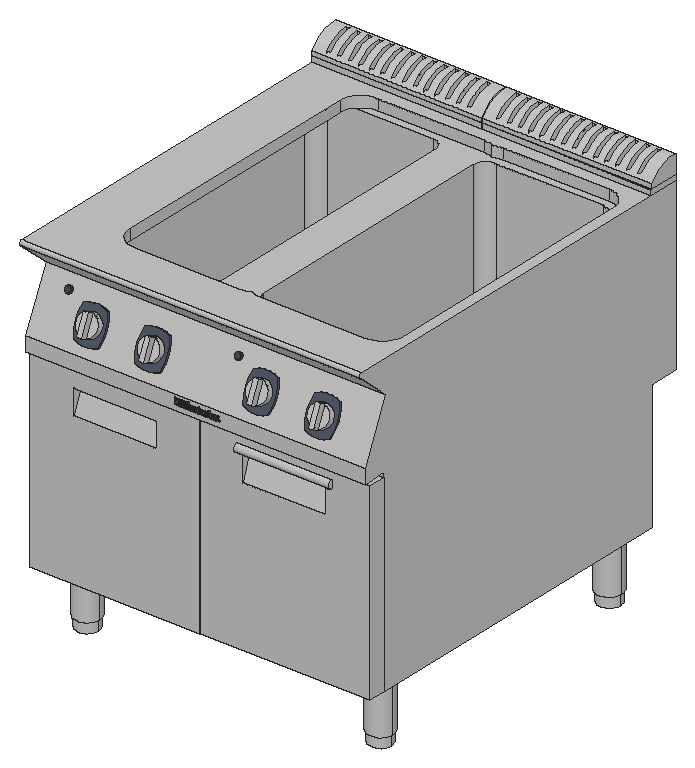
Revit family "QF_ELECTROLUXPROFESSIONAL_391112_E9PCGH2MF0", category Specialty Equipment, Revit 2018
Family settings
  Round Connector Dimension = Use Diameter
  Part Type = Normal
  Work Plane-Based = No
  Always vertical = Yes
  Cut with Voids When Loaded = No
  Shared = No
  Room Calculation Point = No
Parameters
  Width = 800 mm  # constant formula
  Weight in Pounds = 115  # constant formula
  Watts = 0 W
  Waste Water Discharge Temperature [instance] = -459.67 °F
  URL Cutsheet = "www.electrolux.com/foodservice"
  URL = "www.electrolux.com/foodservice"
  Type Mark [instance] = ""
  Status [instance] = ""
  Specification by User [instance] = ""
  Specification by Manufacturer = ""
  Show Logo [instance] = yes
  Show Clearance [instance] = yes
  Serial Number = ""
  Seismic Rating = ""
  SMACNA No = ""
  Revision Code [instance] = ""
  Plumbing Remarks [instance] = ""
  Plumbing Connection Type [instance] = ""
  Omniclass Number and Title = ""
  NAFEM Spec ID Number = ""
  Model = "391112"
  Mechanical Remarks [instance] = ""
  Mechanical Connection Type [instance] = ""
  Masterspec = ""
  Manufacturer = "ELECTROLUX"
  Item Number [instance] = ""
  Installed By [instance] = ""
  Indirect Waste Size = 1"
  Indirect Waste Flow [instance] = 0 GPM
  Indirect Waste Connection Type [instance] = ""
  Indirect Waste Connection Height = 0 mm
  Identify Quantity as Lot [instance] = yes
  Height = 851 mm  # constant formula
  HP = "0 HP"
  Gas Size = 1/2"
  Gas RI Height [instance] = 0 mm
  Gas KW = 33  # constant formula
  Gas Input = 32969.6 VA  # 112497.0 Btu/h
  Gas Connection Height = 0 mm
  Furnished By [instance] = ""
  Foodservice Equipment Identifier [instance] = yes
  Direct Waste Size = 1"
  Description = "900XP GAS PASTA COOKER, 40LT WELL, 2 WELLS"
  Depth = 930 mm  # constant formula
  Cold Water Temperature Recommended [instance] = -459.67 °F
  Cold Water Size = 3/4"
  Cold Water RI Height [instance] = 0 mm
  Cold Water Minimum Pressure = 0.00 psi
  Cold Water Maximum Pressure = 0.00 psi
  Cold Water Flow [instance] = 0 GPM
  Cold Water Consumption = ""
  Cold Water Connection Height = 0 mm
  CSI MasterFormat = ""
  CSI Master Format = ""
  Base Height [instance] = 150 mm  # constant formula
Reference planes
  plane 1 "BACK": y = 0
  plane 2: z = 0
  plane 3 "LEFT": x = 0
  plane 4 "RIGHT": x = 800
  plane 5 "FRONT": y = -930
  plane 6 "TOP": z = 908
  plane 7 "Center Y": x = 400
  plane 8 "Center X": y = -465
  plane 9 "BASE": z = 601.763
  plane 10 "TOP A": z = 851
  plane 11: z = 150
  plane 12: y = -126
  plane 13: y = -800
  plane 14: y = -1288
  plane 15: x = 755
  plane 16: x = 232
  plane 17: x = 65
  plane 18: x = 737
  plane 19: x = 633
  plane 20: x = 55
  plane 21: x = 745
Forms (mm)
  Extrusion 1, solid, material "QF_Finishes_Stainless Steel"
    sketch origin (0, 0, 0) x (0, 1, 0) y (0, 0, 1)
      loop
        line (0, 851) -> (-923.65, 851)
        arc (-923.65, 851) -> (-929.517, 847.08) -> (-928.14, 840.16) r 6.35
        line (-928.14, 840.16) -> (-852.034, 773.495) -> (-912.145, 642.892) -> (-912.145, 608.853) -> (-858.773, 614.463) -> (-858.773, 150) -> (-70, 150) -> (-70, 451.763) -> (0, 451.763) -> (0, 851)
      loop
        line (-900, 601.763) -> (-900, 150) -> (-860.361, 150) -> (-860.361, 601.763) -> (-900, 601.763)
    from 0 to 800
  Extrusion 2, solid, material "QF_Clearances", visible <- "Show Clearance", detail levels coarse
    sketch origin (0, 0, 0) x (1, 0, 0) y (0, 1, 0)
      loop
        line (0, -930) -> (0, 0) -> (800, 0) -> (800, -930) -> (950.019, -930) -> (950.019, 150.019) -> (-150.019, 150.019) -> (-150.019, -930) -> (0, -930)
    from 0 to 908
  Extrusion 3, solid, material "QF_Door-Drawer Clearances", visible <- "Show Clearance", detail levels coarse
    sketch origin (400, 0, 851) x (1, 0, 0) y (0, 1, 0)
      loop
        arc (-400, -1288) -> (-124.279, -1172.327) -> (-0.826, -900) r 409.234
        line (-0.826, -900) -> (-400, -900) -> (-400, -1288)
    from -701 to -249.237
  Extrusion 4, solid, material "QF_Door-Drawer Clearances", visible <- "Show Clearance", detail levels coarse
    sketch origin (400, 0, 851) x (-1, 0, 0) y (0, -1, 0)
      loop
        line (-400, 1288) -> (-400, 900) -> (-0.826, 900)
        arc (-0.826, 900) -> (-124.279, 1172.327) -> (-400, 1288) r 409.234
    from -701 to -249.237
  Extrusion 5, solid, material "QF_Finishes_Navy Blue", visible <- "Show Logo"
    sketch origin (201.175, -912.145, 608.853) x (0, 0, 1) y (-1, 0, 0)
      loop
        line (27.359, -159.055) -> (14.993, -159.055)
        arc (14.993, -159.055) -> (21.176, -163.626) -> (27.359, -159.055) r 6.467
      loop
        arc (27.359, -158.426) -> (26.19, -153.283) -> (21.534, -150.805) r 6.338
        line (21.534, -150.805) -> (21.534, -152.851)
        arc (21.534, -152.851) -> (23.018, -156.506) -> (26.464, -158.426) r 5.941
        line (26.464, -158.426) -> (27.359, -158.426)
      loop
        arc (15.888, -158.426) -> (19.334, -156.506) -> (20.817, -152.851) r 5.941
        line (20.817, -152.851) -> (20.817, -150.805)
        arc (20.817, -150.805) -> (16.123, -153.279) -> (14.834, -158.426) r 6.504
        line (14.834, -158.426) -> (15.888, -158.426)
      loop
        line (28.034, -150.336) -> (14.29, -150.336) -> (14.29, -164.099) -> (28.034, -164.099) -> (28.034, -150.336)
      loop
        arc (28.118, -167.066) -> (27.77, -166.709) -> (27.403, -167.047) r 0.358
        arc (27.403, -167.047) -> (27.089, -167.797) -> (26.372, -168.182) r 1.216
        line (26.372, -168.182) -> (15.959, -168.182)
        arc (15.959, -168.182) -> (15.299, -167.904) -> (14.903, -167.308) r 1.238
        arc (14.903, -167.308) -> (14.509, -167.057) -> (14.203, -167.411) r 0.358
        line (14.203, -167.411) -> (14.203, -177.29) -> (16.954, -177.29) -> (16.954, -176.393)
        arc (16.954, -176.393) -> (16.045, -175.813) -> (15.589, -174.836) r 1.928
        line (15.589, -174.836) -> (15.589, -172.337)
        arc (15.589, -172.337) -> (15.865, -171.608) -> (16.553, -171.244) r 1.101
        line (16.553, -171.244) -> (20.64, -171.244) -> (20.64, -174.917)
        arc (20.64, -174.917) -> (20.287, -175.414) -> (19.722, -175.642) r 1.083
        arc (19.722, -175.642) -> (19.459, -175.948) -> (19.751, -176.226) r 0.292
        line (19.751, -176.226) -> (22.713, -176.226)
        arc (22.713, -176.226) -> (23.016, -175.953) -> (22.777, -175.623) r 0.305
        arc (22.777, -175.623) -> (22.286, -175.375) -> (21.981, -174.917) r 1.083
        line (21.981, -174.917) -> (21.981, -171.244) -> (26.659, -171.244) -> (26.659, -174.991)
        arc (26.659, -174.991) -> (26.444, -175.747) -> (25.838, -176.245) r 1.314
        arc (25.838, -176.245) -> (25.619, -176.649) -> (25.973, -176.941) r 0.361
        line (25.973, -176.941) -> (28.118, -176.941) -> (28.118, -167.066)
      loop
        arc (27.4, -177.722) -> (27.02, -178.641) -> (26.101, -179.021) r 1.299
        line (26.101, -179.021) -> (16.522, -179.021)
        arc (16.522, -179.021) -> (15.684, -178.643) -> (15.413, -177.765) r 1.118
        line (15.413, -177.765) -> (14.203, -177.765) -> (14.203, -183.115) -> (15.391, -183.115)
        arc (15.391, -183.115) -> (15.663, -182.198) -> (16.533, -181.802) r 1.153
        line (16.533, -181.802) -> (28.605, -181.802) -> (27.4, -177.722)
      loop
        line (19.168, -185.751) -> (19.168, -192.198) -> (19.967, -192.198)
        arc (19.967, -192.198) -> (22.547, -191.214) -> (23.816, -188.76) r 3.874
        line (23.816, -188.76) -> (23.816, -187)
        arc (23.816, -187) -> (22.629, -184.135) -> (19.765, -182.949) r 4.051
        line (19.765, -182.949) -> (17.757, -182.949)
        arc (17.757, -182.949) -> (14.938, -184.434) -> (13.887, -187.441) r 4.352
        arc (13.887, -187.441) -> (14.251, -189.904) -> (15.629, -191.978) r 5.713
        line (15.629, -191.978) -> (16.578, -191.978)
        arc (16.578, -191.978) -> (15.845, -190.409) -> (15.629, -188.691) r 5.579
        arc (15.629, -188.691) -> (16.422, -186.728) -> (18.301, -185.751) r 3.057
        line (18.301, -185.751) -> (19.168, -185.751)
      loop
        line (20.427, -185.751) -> (20.427, -189.333)
        arc (20.427, -189.333) -> (21.884, -189.38) -> (22.767, -188.221) r 1.59
        line (22.767, -188.221) -> (22.767, -187.391)
        arc (22.767, -187.391) -> (21.902, -186.136) -> (20.427, -185.751) r 2.184
      loop
        arc (23.218, -201.616) -> (23.707, -199.942) -> (23.864, -198.205) r 9.023
        line (23.864, -198.205) -> (23.864, -196.843)
        arc (23.864, -196.843) -> (22.705, -194.043) -> (19.905, -192.883) r 3.959
        line (19.905, -192.883) -> (17.305, -192.883)
        arc (17.305, -192.883) -> (15.023, -194.176) -> (13.906, -196.549) r 4.331
        line (13.906, -196.549) -> (13.906, -198.684)
        arc (13.906, -198.684) -> (14.414, -200.234) -> (15.336, -201.58) r 5.772
        arc (15.336, -201.58) -> (16.098, -201.631) -> (16.184, -200.872) r 0.553
        arc (16.184, -200.872) -> (15.796, -200.138) -> (15.662, -199.319) r 2.573
        line (15.662, -199.319) -> (15.662, -197.804)
        arc (15.662, -197.804) -> (16.668, -196.162) -> (18.483, -195.52) r 2.884
        line (18.483, -195.52) -> (19.762, -195.52)
        arc (19.762, -195.52) -> (21.583, -196.08) -> (22.509, -197.745) r 2.554
        line (22.509, -197.745) -> (22.509, -198.798)
        arc (22.509, -198.798) -> (22.178, -199.726) -> (21.521, -200.461) r 2.564
        arc (21.521, -200.461) -> (21.299, -201.178) -> (21.909, -201.616) r 0.643
        line (21.909, -201.616) -> (23.218, -201.616)
      loop
        line (22.2, -201.886) -> (22.2, -203.387) -> (16.152, -203.387)
        arc (16.152, -203.387) -> (14.564, -204.045) -> (13.906, -205.633) r 2.246
        line (13.906, -205.633) -> (13.906, -207.217)
        arc (13.906, -207.217) -> (14.22, -208.081) -> (14.72, -208.853) r 4.06
        arc (14.72, -208.853) -> (15.453, -208.986) -> (15.704, -208.285) r 0.576
        arc (15.704, -208.285) -> (15.598, -207.759) -> (15.662, -207.227) r 1.69
        arc (15.662, -207.227) -> (16.204, -206.439) -> (17.11, -206.136) r 1.506
        line (17.11, -206.136) -> (22.248, -206.136) -> (22.248, -208.533) -> (22.805, -209.089) -> (23.626, -209.089) -> (23.626, -206.23) -> (26.857, -206.23) -> (22.2, -201.886)
      loop
        line (14.124, -209.987) -> (14.124, -215.374) -> (15.234, -215.374)
        arc (15.234, -215.374) -> (15.627, -214.423) -> (16.578, -214.029) r 1.345
        line (16.578, -214.029) -> (20.195, -214.029)
        arc (20.195, -214.029) -> (20.959, -214.621) -> (21.249, -215.543) r 1.615
        line (21.249, -215.543) -> (21.249, -217.099) -> (23.805, -217.784) -> (23.805, -216.401) -> (21.862, -213.842) -> (23.742, -213.842) -> (23.458, -211.136)
        arc (23.458, -211.136) -> (23.018, -210.606) -> (22.359, -210.807) r 0.621
        arc (22.359, -210.807) -> (21.959, -211.149) -> (21.465, -211.332) r 1.501
        line (21.465, -211.332) -> (16.578, -211.332)
        arc (16.578, -211.332) -> (15.627, -210.938) -> (15.234, -209.987) r 1.345
        line (15.234, -209.987) -> (14.124, -209.987)
      loop
        line (20.225, -217.321) -> (17.533, -217.321)
        arc (17.533, -217.321) -> (15.088, -218.629) -> (13.954, -221.159) r 4.288
        arc (13.954, -221.159) -> (13.89, -222.54) -> (13.954, -223.92) r 15.022
        arc (13.954, -223.92) -> (15.088, -226.451) -> (17.533, -227.758) r 4.288
        line (17.533, -227.758) -> (20.225, -227.758)
        arc (20.225, -227.758) -> (22.671, -226.451) -> (23.805, -223.92) r 4.288
        arc (23.805, -223.92) -> (23.868, -222.54) -> (23.805, -221.159) r 15.022
        arc (23.805, -221.159) -> (22.671, -218.629) -> (20.225, -217.321) r 4.288
      loop
        line (20.43, -220.435) -> (17.328, -220.435)
        arc (17.328, -220.435) -> (15.171, -222.592) -> (17.328, -224.749) r 2.157
        line (17.328, -224.749) -> (20.43, -224.749)
        arc (20.43, -224.749) -> (22.587, -222.592) -> (20.43, -220.435) r 2.157
      loop
        arc (27.411, -227.616) -> (27.041, -228.51) -> (26.147, -228.881) r 1.264
        line (26.147, -228.881) -> (16.282, -228.881)
        arc (16.282, -228.881) -> (15.412, -228.484) -> (15.141, -227.568) r 1.153
        line (15.141, -227.568) -> (14.203, -227.568) -> (14.203, -232.676) -> (15.131, -232.676)
        arc (15.131, -232.676) -> (15.49, -231.904) -> (16.282, -231.589) r 1.153
        line (16.282, -231.589) -> (28.605, -231.589) -> (27.411, -227.616)
      loop
        arc (22.531, -232.213) -> (22.332, -233.278) -> (21.363, -233.76) r 1.215
        line (21.363, -233.76) -> (16.343, -233.76)
        arc (16.343, -233.76) -> (14.728, -234.407) -> (14.008, -235.99) r 2.338
        line (14.008, -235.99) -> (14.008, -237.505)
        arc (14.008, -237.505) -> (14.182, -238.509) -> (14.684, -239.395) r 2.979
        line (14.684, -239.395) -> (14.203, -241.192) -> (14.203, -242.88) -> (23.629, -242.88) -> (23.335, -238.677) -> (22.548, -238.677)
        arc (22.548, -238.677) -> (22.192, -239.513) -> (21.44, -240.022) r 1.605
        line (21.44, -240.022) -> (16.337, -240.022)
        arc (16.337, -240.022) -> (15.917, -239.085) -> (15.844, -238.061) r 2.94
        arc (15.844, -238.061) -> (16.405, -236.96) -> (17.558, -236.517) r 1.724
        line (17.558, -236.517) -> (23.755, -236.517) -> (22.531, -232.213)
      loop
        line (23.559, -243.734) -> (21.887, -245.78) -> (18.713, -248.086) -> (15.257, -244.974)
        arc (15.257, -244.974) -> (15.02, -244.58) -> (15.042, -244.121) r 0.789
        line (15.042, -244.121) -> (14.203, -244.121) -> (14.203, -247.666) -> (15.029, -247.666)
        arc (15.029, -247.666) -> (15.372, -247.304) -> (15.862, -247.396) r 0.52
        line (15.862, -247.396) -> (17.661, -248.867) -> (15.543, -250.242)
        arc (15.543, -250.242) -> (15.142, -249.932) -> (15.055, -249.433) r 0.7
        line (15.055, -249.433) -> (14.203, -249.433) -> (14.203, -255.36) -> (15.09, -255.36)
        arc (15.09, -255.36) -> (15.157, -254.701) -> (15.552, -254.17) r 1.247
        line (15.552, -254.17) -> (19.751, -250.889) -> (22.198, -252.942) -> (23.559, -254.684) -> (23.559, -250.96) -> (22.074, -251.383) -> (20.553, -250.106) -> (22.253, -248.916) -> (23.559, -249.692) -> (23.559, -243.734)
    from 0 to 1.644
  Extrusion 6, solid, material "QF_Finishes_Stainless Steel"
    sketch origin (200, 0, 0) x (0, 1, 0) y (0, 0, 1)
      loop
        line (-71.89, 863.9) -> (-71.89, 851) -> (0, 851) -> (0, 863.9) -> (-71.89, 863.9)
    from -200 to 200
  Extrusion 7, solid, material "QF_Finishes_Stainless Steel"
    sketch origin (0, 0, 574.263) x (0, 1, 0) y (0, 0, 1)
      loop
        line (0, 289.638) -> (0, 333.737)
        arc (0, 333.737) -> (-39.336, 326.03) -> (-69.85, 300.038) r 79.141
        line (-69.85, 300.038) -> (-69.85, 289.638) -> (0, 289.638)
    from 0 to 400
  Extrusion 8, void
    sketch origin (0, 0, 848.9) x (0, -1, 0) y (1, 0, 0)
      loop
        line (6.761, 29.703) -> (63.911, 29.703) -> (63.911, 38.999) -> (6.761, 38.999) -> (6.761, 29.703)
      loop
        line (63.911, 64.487) -> (6.761, 64.487) -> (6.761, 55.191) -> (63.911, 55.191) -> (63.911, 64.487)
      loop
        line (63.911, 89.975) -> (6.761, 89.975) -> (6.761, 80.68) -> (63.911, 80.68) -> (63.911, 89.975)
      loop
        line (63.911, 115.464) -> (6.761, 115.464) -> (6.761, 106.168) -> (63.911, 106.168) -> (63.911, 115.464)
      loop
        line (63.911, 140.952) -> (6.761, 140.952) -> (6.761, 131.656) -> (63.911, 131.656) -> (63.911, 140.952)
      loop
        line (63.911, 166.44) -> (6.761, 166.44) -> (6.761, 157.145) -> (63.911, 157.145) -> (63.911, 166.44)
      loop
        line (63.911, 191.929) -> (6.761, 191.929) -> (6.761, 182.633) -> (63.911, 182.633) -> (63.911, 191.929)
      loop
        line (63.911, 217.417) -> (6.761, 217.417) -> (6.761, 208.121) -> (63.911, 208.121) -> (63.911, 217.417)
      loop
        line (63.911, 242.905) -> (6.761, 242.905) -> (6.761, 233.61) -> (63.911, 233.61) -> (63.911, 242.905)
      loop
        line (63.911, 268.394) -> (6.761, 268.394) -> (6.761, 259.098) -> (63.911, 259.098) -> (63.911, 268.394)
      loop
        line (63.911, 293.882) -> (6.761, 293.882) -> (6.761, 284.586) -> (63.911, 284.586) -> (63.911, 293.882)
      loop
        line (63.911, 319.37) -> (6.761, 319.37) -> (6.761, 310.075) -> (63.911, 310.075) -> (63.911, 319.37)
      loop
        line (63.911, 344.859) -> (6.761, 344.859) -> (6.761, 335.563) -> (63.911, 335.563) -> (63.911, 344.859)
      loop
        line (63.911, 370.347) -> (6.761, 370.347) -> (6.761, 361.051) -> (63.911, 361.051) -> (63.911, 370.347)
    from 25.4 to 63.5
  Extrusion 9, solid, material "QF_Finishes_Stainless Steel"
    sketch origin (600, 0, 0) x (0, 1, 0) y (0, 0, -1)
      loop
        line (-71.89, -863.9) -> (0, -863.9) -> (0, -851) -> (-71.89, -851) -> (-71.89, -863.9)
    from -200 to 200
  Extrusion 10, solid, material "QF_Finishes_Stainless Steel"
    sketch origin (800, 0, 574.263) x (0, 1, 0) y (0, 0, -1)
      loop
        line (0, -289.638) -> (-69.85, -289.638) -> (-69.85, -300.038)
        arc (-69.85, -300.038) -> (-39.336, -326.03) -> (0, -333.737) r 79.141
        line (0, -333.737) -> (0, -289.638)
    from 0 to 400
  Extrusion 11, void
    sketch origin (800, 0, 848.9) x (0, -1, 0) y (1, 0, 0)
      loop
        line (6.761, -29.703) -> (6.761, -38.999) -> (63.911, -38.999) -> (63.911, -29.703) -> (6.761, -29.703)
      loop
        line (63.911, -64.487) -> (63.911, -55.191) -> (6.761, -55.191) -> (6.761, -64.487) -> (63.911, -64.487)
      loop
        line (63.911, -89.975) -> (63.911, -80.68) -> (6.761, -80.68) -> (6.761, -89.975) -> (63.911, -89.975)
      loop
        line (63.911, -115.464) -> (63.911, -106.168) -> (6.761, -106.168) -> (6.761, -115.464) -> (63.911, -115.464)
      loop
        line (63.911, -140.952) -> (63.911, -131.656) -> (6.761, -131.656) -> (6.761, -140.952) -> (63.911, -140.952)
      loop
        line (63.911, -166.44) -> (63.911, -157.145) -> (6.761, -157.145) -> (6.761, -166.44) -> (63.911, -166.44)
      loop
        line (63.911, -191.929) -> (63.911, -182.633) -> (6.761, -182.633) -> (6.761, -191.929) -> (63.911, -191.929)
      loop
        line (63.911, -217.417) -> (63.911, -208.121) -> (6.761, -208.121) -> (6.761, -217.417) -> (63.911, -217.417)
      loop
        line (63.911, -242.905) -> (63.911, -233.61) -> (6.761, -233.61) -> (6.761, -242.905) -> (63.911, -242.905)
      loop
        line (63.911, -268.394) -> (63.911, -259.098) -> (6.761, -259.098) -> (6.761, -268.394) -> (63.911, -268.394)
      loop
        line (63.911, -293.882) -> (63.911, -284.586) -> (6.761, -284.586) -> (6.761, -293.882) -> (63.911, -293.882)
      loop
        line (63.911, -319.37) -> (63.911, -310.075) -> (6.761, -310.075) -> (6.761, -319.37) -> (63.911, -319.37)
      loop
        line (63.911, -344.859) -> (63.911, -335.563) -> (6.761, -335.563) -> (6.761, -344.859) -> (63.911, -344.859)
      loop
        line (63.911, -370.347) -> (63.911, -361.051) -> (6.761, -361.051) -> (6.761, -370.347) -> (63.911, -370.347)
    from 25.4 to 63.5
  Extrusion 12, void
    sketch origin (0, -900, 601.763) x (0, 0, -1) y (1, 0, 0)
      loop
        line (451.762, 400.912) -> (0, 400.912) -> (0, 399.088) -> (451.762, 399.088) -> (451.762, 400.912)
    from 0 to -39.639
  Extrusion 13, void
    sketch origin (200, -14.239, 0) x (0, 1, 0) y (0, 0, 1)
      loop
        line (-885.761, 564.263) -> (-885.761, 504.332) -> (-863.948, 564.263) -> (-885.761, 564.263)
    from -96.424 to 99.144
  Extrusion 14, void
    sketch origin (600, -14.239, 0) x (0, 1, 0) y (0, 0, -1)
      loop
        line (-885.761, -564.263) -> (-863.948, -564.263) -> (-885.761, -504.332) -> (-885.761, -564.263)
    from -96.424 to 99.144
  Extrusion 15, solid, material "QF_Finishes_Stainless Steel"
    sketch origin (600, -14.239, 22.5) x (0, 1, 0) y (0, 0, -1)
      loop
        arc (-885.761, -541.858) -> (-895.666, -551.763) -> (-885.761, -561.667) r 9.905
        line (-885.761, -561.667) -> (-885.761, -541.858)
    from -110.529 to 112.106
  Extrusion 16, void
    sketch origin (0, 0, 791) x (1, 0, 0) y (0, 1, 0)
      loop
        line (75, -800) -> (325, -800)
        arc (325, -800) -> (346.213, -791.213) -> (355, -770) r 30
        line (355, -770) -> (355, -606.643)
        arc (355, -606.643) -> (346.213, -627.856) -> (325, -636.643) r 30
        line (325, -636.643) -> (75, -636.643)
        arc (75, -636.643) -> (53.787, -627.856) -> (45, -606.643) r 30
        line (45, -606.643) -> (45, -770)
        arc (45, -770) -> (53.787, -791.213) -> (75, -800) r 30
    from 35 to -189.237
  Extrusion 17, void
    sketch origin (0, 0, 791) x (0, 1, 0) y (-1, 0, 0)
      loop
        arc (-121.89, -75) -> (-130.677, -53.787) -> (-151.89, -45) r 30
        line (-151.89, -45) -> (-606.643, -45)
        arc (-606.643, -45) -> (-627.856, -53.787) -> (-636.643, -75) r 30
        line (-636.643, -75) -> (-636.643, -325)
        arc (-636.643, -325) -> (-627.856, -346.213) -> (-606.643, -355) r 30
        line (-606.643, -355) -> (-151.89, -355)
        arc (-151.89, -355) -> (-130.677, -346.213) -> (-121.89, -325) r 30
        line (-121.89, -325) -> (-121.89, -75)
    from 35 to -339.237
  Extrusion 18, void
    sketch origin (800, 0, 851) x (1, 0, 0) y (0, 1, 0)
      loop
        line (-75, -101.89) -> (-325, -101.89)
        arc (-325, -101.89) -> (-360.355, -116.535) -> (-375, -151.89) r 50
        line (-375, -151.89) -> (-375, -770)
        arc (-375, -770) -> (-360.355, -805.355) -> (-325, -820) r 50
        line (-325, -820) -> (-75, -820)
        arc (-75, -820) -> (-39.645, -805.355) -> (-25, -770) r 50
        line (-25, -770) -> (-25, -151.89)
        arc (-25, -151.89) -> (-39.645, -116.535) -> (-75, -101.89) r 50
    from 0 to -25
  Extrusion 19, void
    sketch origin (800, 0, 791) x (-1, 0, 0) y (0, -1, 0)
      loop
        arc (75, 800) -> (53.787, 791.213) -> (45, 770) r 30
        line (45, 770) -> (45, 606.643)
        arc (45, 606.643) -> (53.787, 627.856) -> (75, 636.643) r 30
        line (75, 636.643) -> (325, 636.643)
        arc (325, 636.643) -> (346.213, 627.856) -> (355, 606.643) r 30
        line (355, 606.643) -> (355, 770)
        arc (355, 770) -> (346.213, 791.213) -> (325, 800) r 30
        line (325, 800) -> (75, 800)
    from 35 to -189.237
  Extrusion 20, void
    sketch origin (800, 0, 791) x (0, -1, 0) y (1, 0, 0)
      loop
        line (121.89, -75) -> (121.89, -325)
        arc (121.89, -325) -> (130.677, -346.213) -> (151.89, -355) r 30
        line (151.89, -355) -> (606.643, -355)
        arc (606.643, -355) -> (627.856, -346.213) -> (636.643, -325) r 30
        line (636.643, -325) -> (636.643, -75)
        arc (636.643, -75) -> (627.856, -53.787) -> (606.643, -45) r 30
        line (606.643, -45) -> (151.89, -45)
        arc (151.89, -45) -> (130.677, -53.787) -> (121.89, -75) r 30
    from 35 to -339.237
  Extrusion 21, solid, material "QF_Finishes_Navy Blue"
    sketch origin (-405.52, -913.486, 639.979) x (0, 0.418102, 0.9084) y (-1, 0, 0)
      loop
        arc (102.623, -510.47) -> (67.041, -502.846) -> (31.333, -509.853) r 90.5
        arc (31.333, -509.853) -> (24.507, -539.04) -> (31.333, -568.228) r 65.817
        arc (31.333, -568.228) -> (67.04, -575.188) -> (102.623, -567.615) r 91.066
        arc (102.623, -567.615) -> (109.179, -539.043) -> (102.623, -510.47) r 65.546
    from 0 to 3.175
  Extrusion 22, solid, material "QF_Finishes_Stainless Steel"
    sketch origin (-26.77, -917.2, 639.505) x (0, 0.418102, 0.9084) y (-1, 0, 0)
      loop
        circle (68.826, -160.963) r 25.4
    from 0 to 12.7
  Extrusion 23, solid, material "QF_Finishes_Stainless Steel"
    sketch origin (-26.77, -928.736, 644.814) x (0, 0.418102, 0.9084) y (-1, 0, 0)
      loop
        arc (93.558, -166.749) -> (94.226, -160.963) -> (93.558, -155.177) r 25.4
        line (93.558, -155.177) -> (44.094, -155.177)
        arc (44.094, -155.177) -> (43.426, -160.963) -> (44.094, -166.749) r 25.4
        line (44.094, -166.749) -> (93.558, -166.749)
    from 0 to 12.7
  Extrusion 24, solid, material "QF_Finishes_Navy Blue"
    sketch origin (-260.52, -913.486, 639.979) x (0, 0.418102, 0.9084) y (-1, 0, 0)
      loop
        arc (102.623, -510.47) -> (67.041, -502.846) -> (31.333, -509.853) r 90.5
        arc (31.333, -509.853) -> (24.507, -539.04) -> (31.333, -568.228) r 65.817
        arc (31.333, -568.228) -> (67.04, -575.188) -> (102.623, -567.615) r 91.066
        arc (102.623, -567.615) -> (109.179, -539.043) -> (102.623, -510.47) r 65.546
    from 0 to 3.175
  Extrusion 25, solid, material "QF_Finishes_Stainless Steel"
    sketch origin (118.23, -917.2, 639.505) x (0, 0.418102, 0.9084) y (-1, 0, 0)
      loop
        circle (68.826, -160.963) r 25.4
    from 0 to 12.7
  Extrusion 26, solid, material "QF_Finishes_Stainless Steel"
    sketch origin (118.23, -928.736, 644.814) x (0, 0.418102, 0.9084) y (-1, 0, 0)
      loop
        arc (93.558, -166.749) -> (94.226, -160.963) -> (93.558, -155.177) r 25.4
        line (93.558, -155.177) -> (44.094, -155.177)
        arc (44.094, -155.177) -> (43.426, -160.963) -> (44.094, -166.749) r 25.4
        line (44.094, -166.749) -> (93.558, -166.749)
    from 0 to 12.7
  Extrusion 27, solid, material "QF_Finishes_Black"
    sketch origin (-36.317, -915, 636.69) x (0, 0.418102, 0.9084) y (-1, 0, 0)
      loop
        circle (117.556, -101.317) r 7.5
    from 0 to 4
  Extrusion 28, solid, material "QF_Finishes_Navy Blue"
    sketch origin (-5.52, -913.486, 639.979) x (0, 0.418102, 0.9084) y (-1, 0, 0)
      loop
        arc (102.623, -510.47) -> (67.041, -502.846) -> (31.333, -509.853) r 90.5
        arc (31.333, -509.853) -> (24.507, -539.04) -> (31.333, -568.228) r 65.817
        arc (31.333, -568.228) -> (67.04, -575.188) -> (102.623, -567.615) r 91.066
        arc (102.623, -567.615) -> (109.179, -539.043) -> (102.623, -510.47) r 65.546
    from 0 to 3.175
  Extrusion 29, solid, material "QF_Finishes_Stainless Steel"
    sketch origin (373.23, -917.2, 639.505) x (0, 0.418102, 0.9084) y (-1, 0, 0)
      loop
        circle (68.826, -160.963) r 25.4
    from 0 to 12.7
  Extrusion 30, solid, material "QF_Finishes_Stainless Steel"
    sketch origin (373.23, -928.736, 644.814) x (0, 0.418102, 0.9084) y (-1, 0, 0)
      loop
        arc (93.558, -166.749) -> (94.226, -160.963) -> (93.558, -155.177) r 25.4
        line (93.558, -155.177) -> (44.094, -155.177)
        arc (44.094, -155.177) -> (43.426, -160.963) -> (44.094, -166.749) r 25.4
        line (44.094, -166.749) -> (93.558, -166.749)
    from 0 to 12.7
  Extrusion 31, solid, material "QF_Finishes_Navy Blue"
    sketch origin (139.48, -913.486, 639.979) x (0, 0.418102, 0.9084) y (-1, 0, 0)
      loop
        arc (102.623, -510.47) -> (67.041, -502.846) -> (31.333, -509.853) r 90.5
        arc (31.333, -509.853) -> (24.507, -539.04) -> (31.333, -568.228) r 65.817
        arc (31.333, -568.228) -> (67.04, -575.188) -> (102.623, -567.615) r 91.066
        arc (102.623, -567.615) -> (109.179, -539.043) -> (102.623, -510.47) r 65.546
    from 0 to 3.175
  Extrusion 32, solid, material "QF_Finishes_Stainless Steel"
    sketch origin (518.23, -917.2, 639.505) x (0, 0.418102, 0.9084) y (-1, 0, 0)
      loop
        circle (68.826, -160.963) r 25.4
    from 0 to 12.7
  Extrusion 33, solid, material "QF_Finishes_Stainless Steel"
    sketch origin (518.23, -928.736, 644.814) x (0, 0.418102, 0.9084) y (-1, 0, 0)
      loop
        arc (93.558, -166.749) -> (94.226, -160.963) -> (93.558, -155.177) r 25.4
        line (93.558, -155.177) -> (44.094, -155.177)
        arc (44.094, -155.177) -> (43.426, -160.963) -> (44.094, -166.749) r 25.4
        line (44.094, -166.749) -> (93.558, -166.749)
    from 0 to 12.7
  Extrusion 34, solid, material "QF_Finishes_Black"
    sketch origin (363.683, -915, 636.69) x (0, 0.418102, 0.9084) y (-1, 0, 0)
      loop
        circle (117.556, -101.317) r 7.5
    from 0 to 4
  Extrusion 35, solid, material "QF_Finishes_Stainless Steel"
    sketch origin (0, 0, 0) x (1, 0, 0) y (0, 1, 0)
      loop
        circle (232, -780) r 12.7
    from 176 to 292.788
  Extrusion 36, solid, material "QF_Finishes_Stainless Steel"
    sketch origin (-72.372, 89.372, 0) x (1, 0, 0) y (0, 1, 0)
      loop
        circle (137.372, -792.372) r 6.35
    from 190 to 292.788
  Extrusion 37, solid, material "QF_Finishes_Stainless Steel"
    sketch origin (552.628, 92.372, 0) x (1, 0, 0) y (0, 1, 0)
      loop
        circle (184.372, -792.372) r 9.525
    from 200 to 331.575
  Extrusion 38, solid, material "QF_Finishes_Stainless Steel"
    sketch origin (800, 0, 0) x (-1, 0, 0) y (0, -1, 0)
      loop
        circle (167, 780) r 12.7
    from 176 to 292.788
  Extrusion 39, void
    sketch origin (105, 0, 851) x (-1, 0, 0) y (0, -1, 0)
      loop
        arc (-75, 101.89) -> (-39.645, 116.535) -> (-25, 151.89) r 50
        line (-25, 151.89) -> (-25, 770)
        arc (-25, 770) -> (-39.645, 805.355) -> (-75, 820) r 50
        line (-75, 820) -> (-325, 820)
        arc (-325, 820) -> (-360.355, 805.355) -> (-375, 770) r 50
        line (-375, 770) -> (-375, 151.89)
        arc (-375, 151.89) -> (-360.355, 116.535) -> (-325, 101.89) r 50
        line (-325, 101.89) -> (-75, 101.89)
    from 0 to -25
  Revolve 40, solid, material "QF_Finishes_Stainless Steel"
    sketch origin (-1, -126, 608.09) x (0, 0, 1) y (-1, 0, 0)
      loop
        line (-608.09, -56) -> (-458.09, -56) -> (-458.09, -26) -> (-583.09, -26) -> (-583.09, -29.75) -> (-608.09, -29.75) -> (-608.09, -56)
      axis (-608.09, -56) -> (-458.09, -56)
    angle from 0 to 360
  Revolve 41, solid, material "QF_Finishes_Stainless Steel"
    sketch origin (-1, -800, 608.09) x (0, 0, 1) y (1, 0, 0)
      loop
        line (-608.09, 56) -> (-608.09, 29.75) -> (-583.09, 29.75) -> (-583.09, 26) -> (-458.09, 26) -> (-458.09, 56) -> (-608.09, 56)
      axis (-608.09, 56) -> (-458.09, 56)
    angle from 0 to 360
  Revolve 42, solid, material "QF_Finishes_Stainless Steel"
    sketch origin (801, -126, 608.09) x (0, 0, 1) y (-1, 0, 0)
      loop
        line (-608.09, 56) -> (-608.09, 29.75) -> (-583.09, 29.75) -> (-583.09, 26) -> (-458.09, 26) -> (-458.09, 56) -> (-608.09, 56)
      axis (-608.09, 56) -> (-458.09, 56)
    angle from 0 to 360
  Revolve 43, solid, material "QF_Finishes_Stainless Steel"
    sketch origin (801, -800, 608.09) x (0, 0, 1) y (1, 0, 0)
      loop
        line (-608.09, -56) -> (-458.09, -56) -> (-458.09, -26) -> (-583.09, -26) -> (-583.09, -29.75) -> (-608.09, -29.75) -> (-608.09, -56)
      axis (-608.09, -56) -> (-458.09, -56)
    angle from 0 to 360
Cuts and joins
  Extrusion 12, Extrusion 13, Extrusion 14, Extrusion 16, Extrusion 17, Extrusion 18, Extrusion 19, Extrusion 20, Extrusion 39 cuts Extrusion 1
  Extrusion 8, Extrusion 11 cuts Extrusion 7
  Extrusion 11 cuts Extrusion 10
  Extrusion 14 cuts Extrusion 4
Lines and regions (mm)
  Split face 1
    outline origin (-405.52, -916.37, 641.306) x (0, 0.418102, 0.9084) y (-1, 0, 0)
      loop
        arc (67.041, -503.158) -> (48.669, -506.69) -> (35.363, -519.842) r 32.191
        line (35.363, -519.842) -> (45.047, -525.087)
        arc (45.047, -525.087) -> (54.648, -516.737) -> (67.041, -513.859) r 26.351
        line (67.041, -513.859) -> (67.041, -503.158)
  Split face 2
    outline origin (-405.52, -916.37, 641.306) x (0, 0.418102, 0.9084) y (-1, 0, 0)
      loop
        line (44.251, -526.293) -> (34.615, -521.075)
        arc (34.615, -521.075) -> (41.047, -560.592) -> (81.049, -562.261) r 31.684
        arc (81.049, -562.261) -> (48.21, -559.05) -> (44.251, -526.293) r 26.351
  Split face 3
    outline origin (-260.52, -916.37, 641.306) x (0, 0.418102, 0.9084) y (-1, 0, 0)
      loop
        arc (67.041, -503.158) -> (48.669, -506.69) -> (35.363, -519.842) r 32.191
        line (35.363, -519.842) -> (45.047, -525.087)
        arc (45.047, -525.087) -> (54.648, -516.737) -> (67.041, -513.859) r 26.351
        line (67.041, -513.859) -> (67.041, -503.158)
  Split face 4
    outline origin (-260.52, -916.37, 641.306) x (0, 0.418102, 0.9084) y (-1, 0, 0)
      loop
        line (44.251, -526.293) -> (34.615, -521.075)
        arc (34.615, -521.075) -> (41.047, -560.592) -> (81.049, -562.261) r 31.684
        arc (81.049, -562.261) -> (48.21, -559.05) -> (44.251, -526.293) r 26.351
  Split face 5
    outline origin (-5.52, -916.37, 641.306) x (0, 0.418102, 0.9084) y (-1, 0, 0)
      loop
        arc (67.041, -503.158) -> (48.669, -506.69) -> (35.363, -519.842) r 32.191
        line (35.363, -519.842) -> (45.047, -525.087)
        arc (45.047, -525.087) -> (54.648, -516.737) -> (67.041, -513.859) r 26.351
        line (67.041, -513.859) -> (67.041, -503.158)
  Split face 6
    outline origin (-5.52, -916.37, 641.306) x (0, 0.418102, 0.9084) y (-1, 0, 0)
      loop
        line (44.251, -526.293) -> (34.615, -521.075)
        arc (34.615, -521.075) -> (41.047, -560.592) -> (81.049, -562.261) r 31.684
        arc (81.049, -562.261) -> (48.21, -559.05) -> (44.251, -526.293) r 26.351
  Split face 7
    outline origin (139.48, -916.37, 641.306) x (0, 0.418102, 0.9084) y (-1, 0, 0)
      loop
        arc (67.041, -503.158) -> (48.669, -506.69) -> (35.363, -519.842) r 32.191
        line (35.363, -519.842) -> (45.047, -525.087)
        arc (45.047, -525.087) -> (54.648, -516.737) -> (67.041, -513.859) r 26.351
        line (67.041, -513.859) -> (67.041, -503.158)
  Split face 8
    outline origin (139.48, -916.37, 641.306) x (0, 0.418102, 0.9084) y (-1, 0, 0)
      loop
        line (44.251, -526.293) -> (34.615, -521.075)
        arc (34.615, -521.075) -> (41.047, -560.592) -> (81.049, -562.261) r 31.684
        arc (81.049, -562.261) -> (48.21, -559.05) -> (44.251, -526.293) r 26.351
  symbolic lines, style "QF_Clearances", visible <- "Show Clearance", detail levels coarse
    curve 1: line (-150.019, 150.019, 851) -> (-150.019, -931.377, 851)
    curve 2: line (950.019, 150.019, 851) -> (-150.019, 150.019, 851)
    curve 7: line (950.019, 150.019, 851) -> (950.019, -931.377, 851)
  symbolic lines
    curve 3: line (0, -930, 851) -> (0, 0, 851)
    curve 4: line (400, -930, 851) -> (0, -930, 851)
    curve 5: line (0, -71.89, 851) -> (400, -71.89, 851)
    curve 6: line (0, 0, 851) -> (400, 0, 851)
    curve 8: line (800, -930, 851) -> (800, 0, 851)
    curve 9: line (400, -930, 851) -> (800, -930, 851)
    curve 10: line (800, -71.89, 851) -> (400, -71.89, 851)
    curve 11: line (800, 0, 851) -> (400, 0, 851)
    curve 16: line (38.999, -63.911, 851) -> (29.703, -63.911, 851)
    curve 17: line (38.999, -6.761, 851) -> (38.999, -63.911, 851)
    curve 18: line (29.703, -6.761, 851) -> (38.999, -6.761, 851)
    curve 19: line (29.703, -63.911, 851) -> (29.703, -6.761, 851)
    curve 20: line (64.487, -63.911, 851) -> (55.191, -63.911, 851)
    curve 21: line (64.487, -6.761, 851) -> (64.487, -63.911, 851)
    curve 22: line (55.191, -6.761, 851) -> (64.487, -6.761, 851)
    curve 23: line (55.191, -63.911, 851) -> (55.191, -6.761, 851)
    curve 24: line (89.975, -63.911, 851) -> (80.68, -63.911, 851)
    curve 25: line (89.975, -6.761, 851) -> (89.975, -63.911, 851)
    curve 26: line (80.68, -6.761, 851) -> (89.975, -6.761, 851)
    curve 27: line (80.68, -63.911, 851) -> (80.68, -6.761, 851)
    curve 28: line (115.464, -63.911, 851) -> (106.168, -63.911, 851)
    curve 29: line (115.464, -6.761, 851) -> (115.464, -63.911, 851)
    curve 30: line (106.168, -6.761, 851) -> (115.464, -6.761, 851)
    curve 31: line (106.168, -63.911, 851) -> (106.168, -6.761, 851)
    curve 32: line (140.952, -63.911, 851) -> (131.656, -63.911, 851)
    curve 33: line (140.952, -6.761, 851) -> (140.952, -63.911, 851)
    curve 34: line (131.656, -6.761, 851) -> (140.952, -6.761, 851)
    curve 35: line (131.656, -63.911, 851) -> (131.656, -6.761, 851)
    curve 36: line (166.44, -63.911, 851) -> (157.145, -63.911, 851)
    curve 37: line (166.44, -6.761, 851) -> (166.44, -63.911, 851)
    curve 38: line (157.145, -6.761, 851) -> (166.44, -6.761, 851)
    curve 39: line (157.145, -63.911, 851) -> (157.145, -6.761, 851)
    curve 40: line (191.929, -63.911, 851) -> (182.633, -63.911, 851)
    curve 41: line (191.929, -6.761, 851) -> (191.929, -63.911, 851)
    curve 42: line (182.633, -6.761, 851) -> (191.929, -6.761, 851)
    curve 43: line (182.633, -63.911, 851) -> (182.633, -6.761, 851)
    curve 44: line (217.417, -63.911, 851) -> (208.121, -63.911, 851)
    curve 45: line (217.417, -6.761, 851) -> (217.417, -63.911, 851)
    curve 46: line (208.121, -6.761, 851) -> (217.417, -6.761, 851)
    curve 47: line (208.121, -63.911, 851) -> (208.121, -6.761, 851)
    curve 48: line (242.905, -63.911, 851) -> (233.61, -63.911, 851)
    curve 49: line (242.905, -6.761, 851) -> (242.905, -63.911, 851)
    curve 50: line (233.61, -6.761, 851) -> (242.905, -6.761, 851)
    curve 51: line (233.61, -63.911, 851) -> (233.61, -6.761, 851)
    curve 52: line (268.394, -63.911, 851) -> (259.098, -63.911, 851)
    curve 53: line (268.394, -6.761, 851) -> (268.394, -63.911, 851)
    curve 54: line (259.098, -6.761, 851) -> (268.394, -6.761, 851)
    curve 55: line (259.098, -63.911, 851) -> (259.098, -6.761, 851)
    curve 56: line (293.882, -63.911, 851) -> (284.586, -63.911, 851)
    curve 57: line (293.882, -6.761, 851) -> (293.882, -63.911, 851)
    curve 58: line (284.586, -6.761, 851) -> (293.882, -6.761, 851)
    curve 59: line (284.586, -63.911, 851) -> (284.586, -6.761, 851)
    curve 60: line (319.37, -63.911, 851) -> (310.075, -63.911, 851)
    curve 61: line (319.37, -6.761, 851) -> (319.37, -63.911, 851)
    curve 62: line (310.075, -6.761, 851) -> (319.37, -6.761, 851)
    curve 63: line (310.075, -63.911, 851) -> (310.075, -6.761, 851)
    curve 64: line (344.859, -63.911, 851) -> (335.563, -63.911, 851)
    curve 65: line (344.859, -6.761, 851) -> (344.859, -63.911, 851)
    curve 66: line (335.563, -6.761, 851) -> (344.859, -6.761, 851)
    curve 67: line (335.563, -63.911, 851) -> (335.563, -6.761, 851)
    curve 68: line (370.347, -63.911, 851) -> (361.051, -63.911, 851)
    curve 69: line (370.347, -6.761, 851) -> (370.347, -63.911, 851)
    curve 70: line (361.051, -6.761, 851) -> (370.347, -6.761, 851)
    curve 71: line (361.051, -63.911, 851) -> (361.051, -6.761, 851)
    curve 72: line (761.001, -63.911, 851) -> (770.297, -63.911, 851)
    curve 73: line (761.001, -6.761, 851) -> (761.001, -63.911, 851)
    curve 74: line (770.297, -6.761, 851) -> (761.001, -6.761, 851)
    curve 75: line (770.297, -63.911, 851) -> (770.297, -6.761, 851)
    curve 76: line (735.513, -63.911, 851) -> (744.809, -63.911, 851)
    curve 77: line (735.513, -6.761, 851) -> (735.513, -63.911, 851)
    curve 78: line (744.809, -6.761, 851) -> (735.513, -6.761, 851)
    curve 79: line (744.809, -63.911, 851) -> (744.809, -6.761, 851)
    curve 80: line (710.025, -63.911, 851) -> (719.32, -63.911, 851)
    curve 81: line (710.025, -6.761, 851) -> (710.025, -63.911, 851)
    curve 82: line (719.32, -6.761, 851) -> (710.025, -6.761, 851)
    curve 83: line (719.32, -63.911, 851) -> (719.32, -6.761, 851)
    curve 84: line (684.536, -63.911, 851) -> (693.832, -63.911, 851)
    curve 85: line (684.536, -6.761, 851) -> (684.536, -63.911, 851)
    curve 86: line (693.832, -6.761, 851) -> (684.536, -6.761, 851)
    curve 87: line (693.832, -63.911, 851) -> (693.832, -6.761, 851)
    curve 88: line (659.048, -63.911, 851) -> (668.344, -63.911, 851)
    curve 89: line (659.048, -6.761, 851) -> (659.048, -63.911, 851)
    curve 90: line (668.344, -6.761, 851) -> (659.048, -6.761, 851)
    curve 91: line (668.344, -63.911, 851) -> (668.344, -6.761, 851)
    curve 92: line (633.56, -63.911, 851) -> (642.855, -63.911, 851)
    curve 93: line (633.56, -6.761, 851) -> (633.56, -63.911, 851)
    curve 94: line (642.855, -6.761, 851) -> (633.56, -6.761, 851)
    curve 95: line (642.855, -63.911, 851) -> (642.855, -6.761, 851)
    curve 96: line (608.071, -63.911, 851) -> (617.367, -63.911, 851)
    curve 97: line (608.071, -6.761, 851) -> (608.071, -63.911, 851)
    curve 98: line (617.367, -6.761, 851) -> (608.071, -6.761, 851)
    curve 99: line (617.367, -63.911, 851) -> (617.367, -6.761, 851)
    curve 100: line (582.583, -63.911, 851) -> (591.879, -63.911, 851)
    curve 101: line (582.583, -6.761, 851) -> (582.583, -63.911, 851)
    curve 102: line (591.879, -6.761, 851) -> (582.583, -6.761, 851)
    curve 103: line (591.879, -63.911, 851) -> (591.879, -6.761, 851)
    curve 104: line (557.095, -63.911, 851) -> (566.39, -63.911, 851)
    curve 105: line (557.095, -6.761, 851) -> (557.095, -63.911, 851)
    curve 106: line (566.39, -6.761, 851) -> (557.095, -6.761, 851)
    curve 107: line (566.39, -63.911, 851) -> (566.39, -6.761, 851)
    curve 108: line (531.606, -63.911, 851) -> (540.902, -63.911, 851)
    curve 109: line (531.606, -6.761, 851) -> (531.606, -63.911, 851)
    curve 110: line (540.902, -6.761, 851) -> (531.606, -6.761, 851)
    curve 111: line (540.902, -63.911, 851) -> (540.902, -6.761, 851)
    curve 112: line (506.118, -63.911, 851) -> (515.414, -63.911, 851)
    curve 113: line (506.118, -6.761, 851) -> (506.118, -63.911, 851)
    curve 114: line (515.414, -6.761, 851) -> (506.118, -6.761, 851)
    curve 115: line (515.414, -63.911, 851) -> (515.414, -6.761, 851)
    curve 116: line (480.63, -63.911, 851) -> (489.925, -63.911, 851)
    curve 117: line (480.63, -6.761, 851) -> (480.63, -63.911, 851)
    curve 118: line (489.925, -6.761, 851) -> (480.63, -6.761, 851)
    curve 119: line (489.925, -63.911, 851) -> (489.925, -6.761, 851)
    curve 120: line (455.141, -63.911, 851) -> (464.437, -63.911, 851)
    curve 121: line (455.141, -6.761, 851) -> (455.141, -63.911, 851)
    curve 122: line (464.437, -6.761, 851) -> (455.141, -6.761, 851)
    curve 123: line (464.437, -63.911, 851) -> (464.437, -6.761, 851)
    curve 124: line (429.653, -63.911, 851) -> (438.949, -63.911, 851)
    curve 125: line (429.653, -6.761, 851) -> (429.653, -63.911, 851)
    curve 126: line (438.949, -6.761, 851) -> (429.653, -6.761, 851)
    curve 127: line (438.949, -63.911, 851) -> (438.949, -6.761, 851)
    curve 128: line (25, -770, 851) -> (25, -151.89, 851)
    curve 129: arc (25, -151.89, 851) -> (39.645, -116.535, 851) -> (75, -101.89, 851) r 50
    curve 130: line (75, -101.89, 851) -> (325, -101.89, 851)
    curve 131: arc (325, -101.89, 851) -> (360.355, -116.535, 851) -> (375, -151.89, 851) r 50
    curve 132: line (375, -151.89, 851) -> (375, -770, 851)
    curve 133: arc (375, -770, 851) -> (360.355, -805.355, 851) -> (325, -820, 851) r 50
    curve 134: line (325, -820, 851) -> (75, -820, 851)
    curve 135: arc (75, -820, 851) -> (39.645, -805.355, 851) -> (25, -770, 851) r 50
    curve 136: line (475, -101.89, 851) -> (725, -101.89, 851)
    curve 137: arc (725, -101.89, 851) -> (760.355, -116.535, 851) -> (775, -151.89, 851) r 50
    curve 138: line (775, -151.89, 851) -> (775, -770, 851)
    curve 139: arc (775, -770, 851) -> (760.355, -805.355, 851) -> (725, -820, 851) r 50
    curve 140: line (725, -820, 851) -> (475, -820, 851)
    curve 141: arc (475, -820, 851) -> (439.645, -805.355, 851) -> (425, -770, 851) r 50
    curve 142: line (425, -770, 851) -> (425, -151.89, 851)
    curve 143: arc (425, -151.89, 851) -> (439.645, -116.535, 851) -> (475, -101.89, 851) r 50
    curve 144: line (475, -121.89, 851) -> (725, -121.89, 851)
    curve 145: arc (725, -121.89, 851) -> (746.213, -130.677, 851) -> (755, -151.89, 851) r 30
    curve 146: line (755, -151.89, 851) -> (755, -770, 851)
    curve 147: arc (755, -770, 851) -> (746.213, -791.213, 851) -> (725, -800, 851) r 30
    curve 148: line (725, -800, 851) -> (475, -800, 851)
    curve 149: arc (475, -800, 851) -> (453.787, -791.213, 851) -> (445, -770, 851) r 30
    curve 150: line (445, -770, 851) -> (445, -151.89, 851)
    curve 151: arc (445, -151.89, 851) -> (453.787, -130.677, 851) -> (475, -121.89, 851) r 30
    curve 152: line (45, -770, 851) -> (45, -151.89, 851)
    curve 153: arc (45, -151.89, 851) -> (53.787, -130.677, 851) -> (75, -121.89, 851) r 30
    curve 154: line (75, -121.89, 851) -> (325, -121.89, 851)
    curve 155: arc (325, -121.89, 851) -> (346.213, -130.677, 851) -> (355, -151.89, 851) r 30
    curve 156: line (355, -151.89, 851) -> (355, -770, 851)
    curve 157: arc (355, -770, 851) -> (346.213, -791.213, 851) -> (325, -800, 851) r 30
    curve 158: line (325, -800, 851) -> (75, -800, 851)
    curve 159: arc (75, -800, 851) -> (53.787, -791.213, 851) -> (45, -770, 851) r 30
    curve 160: line (75, -636.643, 851) -> (325, -636.643, 851)
    curve 161: arc (45, -606.643, 851) -> (53.787, -627.856, 851) -> (75, -636.643, 851) r 30
    curve 162: arc (325, -636.643, 851) -> (346.213, -627.856, 851) -> (355, -606.643, 851) r 30
    curve 163: line (475, -636.643, 851) -> (725, -636.643, 851)
    curve 164: arc (445, -606.643, 851) -> (453.787, -627.856, 851) -> (475, -636.643, 851) r 30
    curve 165: arc (725, -636.643, 851) -> (746.213, -627.856, 851) -> (755, -606.643, 851) r 30
  symbolic lines, style "QF_Door-Drawer Clearances"
    curve 12: arc (403.486, -930, 851) -> (428.46, -1028.108, 851) -> (476.754, -1117.084, 851) r 409.234
    curve 13: line (476.754, -1117.084, 851) -> (800.76, -930, 851)
    curve 14: arc (396.514, -930, 851) -> (371.609, -1027.931, 851) -> (323.468, -1116.774, 851) r 409.234
    curve 15: line (323.468, -1116.774, 851) -> (0, -930, 851)
Dimensions and locks
  equal spacing: plane 3 "LEFT", plane 7 "Center Y", plane 4 "RIGHT"
  "Width": plane 3 "LEFT" to plane 4 "RIGHT"
  equal spacing: plane 5 "FRONT", plane 8 "Center X", plane 1 "BACK"
  "Depth": plane 5 "FRONT" to plane 1 "BACK"
  plane 1 "BACK" to plane 5 "FRONT" = 930 mm
  "Base Height": plane 11 to level
  plane 11 to level = 150 mm
  plane 1 "BACK" to plane 12 = 126 mm
  plane 12 to plane 13 = 674 mm
  plane 5 "FRONT" to plane 1 "BACK" = 930 mm
  plane 4 "RIGHT" to plane 3 "LEFT" = 800 mm
  plane 13 to cut or joined group 1 (Extrusion 1, Extrusion 12, Extrusion 13, Extrusion 14, Extrusion 16, Extrusion 17, Extrusion 18, Extrusion 19, Extrusion 20, Extrusion 39) = 100 mm
  plane 5 "FRONT" to plane 14 = 358 mm
  curve 1 to plane 3 "LEFT" = 150.019 mm
  plane 4 "RIGHT" to curve 7 = 150.019 mm
  plane 1 "BACK" to curve 2 = 150.019 mm
  plane 15 to plane 4 "RIGHT" = 45 mm  (x2)
  "Height": plane 10 "TOP A" to level
  plane 6 "TOP" to level = 908 mm
  plane 3 "LEFT" to plane 17 = 65 mm
  plane 3 "LEFT" to plane 16 = 232 mm
  plane 19 to plane 4 "RIGHT" = 167 mm
  plane 18 to plane 4 "RIGHT" = 63 mm
  Extrusion 36 to plane 1 "BACK" = 703 mm
  Extrusion 35 to plane 1 "BACK" = 780 mm
  Extrusion 38 to plane 1 "BACK" = 780 mm
  Extrusion 37 to plane 1 "BACK" = 700 mm
  cut or joined group 1 to Extrusion 35 = 26 mm
  cut or joined group 1 to Extrusion 36 = 40 mm
  cut or joined group 1 to Extrusion 37 = 50 mm
  plane 21 to plane 4 "RIGHT" = 55 mm
  plane 20 to plane 21 = 690 mm
  plane 20 to plane 3 "LEFT" = 55 mm
  plane 1 "BACK" to Extrusion 37 = 700 mm
  plane 1 "BACK" to Extrusion 36 = 703 mm
  plane 1 "BACK" to Extrusion 35 = 780 mm
  plane 10 "TOP A" to plane 11 = 701 mm
  aligned and locked: level to plane 2
Automatic sketch dimensions
  curve 129 to curve 153 = 0 mm  (x2)
  curve 131 to curve 155 = 0 mm  (x2)
  curve 133 to curve 157 = 0 mm  (x2)
  curve 135 to curve 159 = 0 mm  (x2)
  curve 137 to curve 145 = 0 mm  (x2)
  curve 139 to curve 147 = 0 mm  (x2)
  curve 141 to curve 149 = 0 mm  (x2)
  curve 143 to curve 151 = 0 mm  (x2)
  plane 5 "FRONT" to curve 13 = 0 mm
  curve 9 to plane 4 "RIGHT" = 0 mm
  curve 146 to plane 15 = 0 mm
  plane 13 to curve 147 = 0 mm
  plane 5 "FRONT" to curve 12 = 0 mm
  plane 1 "BACK" to curve 11 = 0 mm
  curve 11 to plane 7 "Center Y" = 0 mm
  curve 5 to plane 7 "Center Y" = 0 mm
  curve 4 to plane 7 "Center Y" = 0 mm
  plane 13 to curve 157 = 0 mm
  curve 5 to plane 3 "LEFT" = 0 mm
  plane 4 "RIGHT" to curve 12 = 9.515 mm
  plane 4 "RIGHT" to curve 13 = 0.76 mm
  curve 137 to curve 145 = 20 mm
  curve 75 to plane 15 = 15.297 mm
  curve 73 to plane 15 = 6.001 mm
  plane 21 to curve 79 = 0.191 mm
  plane 18 to curve 78 = 1.487 mm
  plane 18 to curve 165 = 12 mm
  plane 18 to curve 145 = 12 mm
  plane 18 to curve 147 = 12 mm
  plane 1 "BACK" to curve 83 = 6.761 mm
  curve 77 to curve 83 = 16.193 mm
  curve 82 to curve 81 = 9.296 mm
  plane 1 "BACK" to curve 87 = 6.761 mm
  curve 81 to curve 87 = 16.193 mm
  curve 86 to curve 86 = 9.296 mm
  plane 1 "BACK" to curve 91 = 6.761 mm
  curve 85 to curve 91 = 16.193 mm
  curve 88 to curve 89 = 9.296 mm
  curve 92 to plane 19 = 9.855 mm
  curve 94 to plane 19 = 0.56 mm
  plane 1 "BACK" to curve 99 = 6.761 mm
  plane 19 to curve 99 = 15.633 mm
  curve 98 to curve 98 = 9.296 mm
  curve 96 to curve 103 = 16.193 mm
  curve 102 to curve 102 = 9.296 mm
  curve 100 to curve 104 = 16.193 mm
  curve 104 to curve 104 = 9.296 mm
  plane 1 "BACK" to curve 110 = 6.761 mm
  curve 105 to curve 110 = 16.193 mm
  curve 108 to curve 109 = 9.296 mm
  plane 1 "BACK" to curve 115 = 6.761 mm
  curve 109 to curve 115 = 16.193 mm
  curve 112 to curve 112 = 9.296 mm
  plane 1 "BACK" to curve 119 = 6.761 mm
  curve 113 to curve 119 = 16.193 mm
  curve 118 to curve 118 = 9.296 mm
  plane 7 "Center Y" to curve 12 = 76.754 mm
  plane 7 "Center Y" to curve 164 = 75 mm
  plane 7 "Center Y" to curve 140 = 75 mm
  plane 12 to curve 143 = 25.89 mm
  plane 7 "Center Y" to curve 143 = 75 mm
  curve 116 to curve 120 = 16.193 mm
  curve 122 to curve 122 = 9.296 mm
  curve 164 to curve 164 = 30 mm
  plane 1 "BACK" to curve 126 = 6.761 mm
  curve 121 to curve 126 = 16.193 mm
  curve 126 to curve 125 = 9.296 mm
  curve 12 to curve 4 = 3.486 mm
  curve 14 to plane 7 "Center Y" = 3.486 mm
  curve 131 to plane 7 "Center Y" = 25 mm
  curve 69 to plane 7 "Center Y" = 29.653 mm
  curve 69 to curve 70 = 9.296 mm
  curve 132 to curve 157 = 20 mm
  plane 1 "BACK" to curve 66 = 6.761 mm
  curve 70 to curve 66 = 16.193 mm
  curve 64 to curve 64 = 9.296 mm
  curve 157 to curve 134 = 30 mm
  curve 154 to plane 12 = 4.11 mm
  curve 156 to curve 154 = 30 mm
  curve 162 to curve 162 = 30 mm
  curve 15 to plane 7 "Center Y" = 76.532 mm
  plane 1 "BACK" to curve 61 = 6.761 mm
  curve 66 to curve 61 = 16.193 mm
  curve 61 to curve 63 = 9.296 mm
  plane 1 "BACK" to curve 57 = 6.761 mm
  curve 62 to curve 57 = 16.193 mm
  curve 56 to curve 59 = 9.296 mm
  plane 1 "BACK" to curve 53 = 6.761 mm
  curve 58 to curve 53 = 16.193 mm
  curve 53 to curve 54 = 9.296 mm
  curve 49 to plane 16 = 10.905 mm
  curve 50 to plane 16 = 1.61 mm
  plane 1 "BACK" to curve 46 = 6.761 mm
  plane 16 to curve 46 = 14.583 mm
  curve 45 to curve 46 = 9.296 mm
  plane 1 "BACK" to curve 42 = 6.761 mm
  curve 46 to curve 42 = 16.193 mm
  curve 41 to curve 43 = 9.296 mm
  curve 40 to curve 36 = 16.193 mm
  curve 37 to curve 38 = 9.296 mm
  curve 36 to curve 32 = 16.193 mm
  curve 32 to curve 35 = 9.296 mm
  plane 1 "BACK" to curve 30 = 6.761 mm
  curve 34 to curve 30 = 16.193 mm
  curve 28 to curve 31 = 9.296 mm
  plane 1 "BACK" to curve 25 = 6.761 mm
  curve 30 to curve 25 = 16.193 mm
  curve 25 to curve 26 = 9.296 mm
  curve 130 to plane 17 = 10 mm
  curve 134 to plane 17 = 10 mm
  curve 161 to plane 17 = 10 mm
  plane 17 to curve 21 = 0.513 mm
  plane 20 to curve 22 = 0.191 mm
  curve 153 to plane 20 = 10 mm
  curve 16 to plane 20 = 16.001 mm
  curve 17 to curve 19 = 9.296 mm
  curve 14 to plane 3 "LEFT" = 9.515 mm
  plane 1 "BACK" to curve 123 = 6.761 mm
  plane 1 "BACK" to curve 107 = 6.761 mm
  plane 1 "BACK" to curve 103 = 6.761 mm
  plane 1 "BACK" to curve 17 = 6.761 mm
  plane 1 "BACK" to curve 21 = 6.761 mm
  plane 1 "BACK" to curve 95 = 6.761 mm
  plane 1 "BACK" to curve 33 = 6.761 mm
  plane 1 "BACK" to curve 37 = 6.761 mm
  plane 1 "BACK" to curve 79 = 6.761 mm
  plane 1 "BACK" to curve 75 = 6.761 mm
  plane 1 "BACK" to curve 71 = 6.761 mm
  plane 1 "BACK" to curve 49 = 6.761 mm
  curve 60 to curve 130 = 37.979 mm
  curve 59 to curve 60 = 0 mm
  curve 60 to curve 64 = 0 mm
  curve 55 to curve 56 = 0 mm
  curve 64 to curve 68 = 0 mm
  curve 51 to curve 52 = 0 mm
  curve 72 to curve 137 = 37.979 mm
  curve 47 to curve 48 = 0 mm
  curve 76 to curve 72 = 0 mm
  curve 43 to curve 44 = 0 mm
  curve 80 to curve 76 = 0 mm
  curve 39 to curve 40 = 0 mm
  curve 84 to curve 80 = 0 mm
  curve 35 to curve 36 = 0 mm
  curve 88 to curve 84 = 0 mm
  curve 31 to curve 32 = 0 mm
  curve 92 to curve 88 = 0 mm
  curve 27 to curve 28 = 0 mm
  curve 96 to curve 92 = 0 mm
  curve 23 to curve 24 = 0 mm
  curve 100 to curve 96 = 0 mm
  curve 19 to curve 20 = 0 mm
  curve 104 to curve 100 = 0 mm
  curve 117 to curve 143 = 37.979 mm
  curve 120 to curve 116 = 0 mm
  curve 108 to curve 104 = 0 mm
  curve 124 to curve 120 = 0 mm
  curve 116 to curve 112 = 0 mm
  curve 72 to curve 10 = 7.979 mm
  curve 161 to plane 8 "Center X" = 141.643 mm
  curve 162 to curve 164 = 0 mm
  curve 12 to plane 5 "FRONT" = 51.124 mm
  curve 14 to plane 5 "FRONT" = 51.124 mm
  plane 5 "FRONT" to curve 7 = 1.377 mm
  plane 5 "FRONT" to curve 1 = 1.377 mm
  Extrusion 1 sketch curve to plane 10 "TOP A" = 0 mm
  Extrusion 1 sketch curve to plane 9 "BASE" = 0 mm
  Extrusion 1 sketch curve to plane 11 = 0 mm  (x2)
  Extrusion 1 sketch curve to plane 1 "BACK" = 0 mm
  Extrusion 1 sketch curve to plane 12 = 56 mm
  plane 13 to Extrusion 1 sketch curve = 52.034 mm
  plane 9 "BASE" to Extrusion 1 sketch curve = 12.7 mm
  plane 13 to Extrusion 1 sketch curve = 58.773 mm
  Extrusion 1 sketch curve to Extrusion 1 sketch curve = 1.588 mm
  Extrusion 1 sketch curve to plane 5 "FRONT" = 30 mm
  Extrusion 1 sketch curve to plane 5 "FRONT" = 17.855 mm
  Extrusion 1 sketch curve to plane 5 "FRONT" = 6.35 mm
  Extrusion 1 sketch curve to plane 5 "FRONT" = 1.86 mm
  Extrusion 1 sketch curve to plane 9 "BASE" = 150 mm
  plane 9 "BASE" to Extrusion 1 sketch curve = 7.09 mm
  Extrusion 1 sketch curve to Extrusion 1 sketch curve = 34.039 mm
  Extrusion 1 sketch curve to plane 10 "TOP A" = 77.505 mm
  Extrusion 1 sketch curve to plane 10 "TOP A" = 10.84 mm
  plane 5 "FRONT" to Extrusion 2 sketch curve = 0 mm  (x2)
  plane 1 "BACK" to Extrusion 2 sketch curve = 0 mm
  Extrusion 2 sketch curve to plane 3 "LEFT" = 0 mm
  Extrusion 2 sketch curve to plane 4 "RIGHT" = 0 mm
  Extrusion 2 sketch curve to plane 3 "LEFT" = 150.019 mm
  plane 4 "RIGHT" to Extrusion 2 sketch curve = 150.019 mm
  Extrusion 2 sketch curve to plane 1 "BACK" = 150.019 mm
  Extrusion 3 sketch curve to plane 3 "LEFT" = 0 mm
  Extrusion 3 sketch curve to plane 14 = 0 mm
  Extrusion 3 sketch curve to plane 3 "LEFT" = 9.515 mm
  Extrusion 3 sketch curve to plane 7 "Center Y" = 0.826 mm
  Extrusion 3 sketch curve to plane 5 "FRONT" = 30 mm
  Extrusion 4 sketch curve to plane 4 "RIGHT" = 0 mm
  Extrusion 4 sketch curve to plane 14 = 0 mm
  plane 4 "RIGHT" to Extrusion 4 sketch curve = 9.515 mm
  plane 7 "Center Y" to Extrusion 4 sketch curve = 0.826 mm
  Extrusion 4 sketch curve to plane 5 "FRONT" = 30 mm
  Extrusion 5 sketch curve to Extrusion 1 = 8.846 mm
  Extrusion 5 sketch curve to Extrusion 1 = 13.887 mm
  Extrusion 5 sketch curve to Extrusion 1 = 13.906 mm
  Extrusion 5 sketch curve to Extrusion 5 sketch curve = 0 mm  (x28)
  Extrusion 5 sketch curve to Extrusion 5 sketch curve = 5.108 mm
  Extrusion 5 sketch curve to Extrusion 5 sketch curve = 0.054 mm
  Extrusion 5 sketch curve to Extrusion 5 sketch curve = 0.218 mm
  Extrusion 5 sketch curve to Extrusion 5 sketch curve = 0.195 mm
